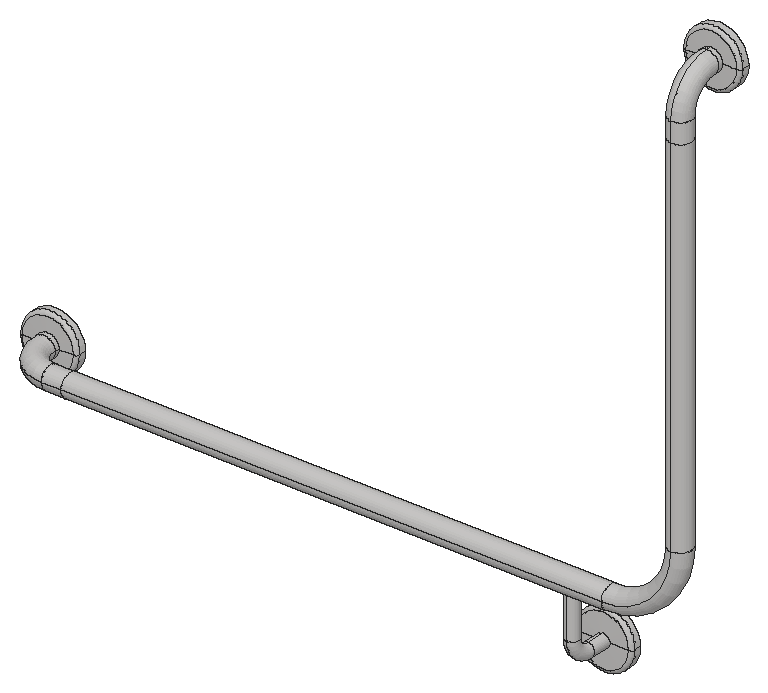
Revit family "RBA4098-901", category Plumbing Fixtures, Revit 2021
Family settings
  Round Connector Dimension = Use Diameter
  Part Type = Normal
  Work Plane-Based = No
  Always vertical = Yes
  Cut with Voids When Loaded = No
  Shared = No
  Room Calculation Point = No
Parameters (values of type "RBA4098-901")
  Watermarked By = "www.rba.com.au"
  URL = "http://www.rba.com.au/accessible-disabled/grab-rails"
  R_Void [instance] = 15.00 mm
  R [instance] = 0.00 mm
  Phone Number = "1300 788 778"
  Modified Issue = "20200316.01"
  Model = "RBA4098-901"
  Materials and Finishes = Stainless Steel, Bright Polished
  Manufacturer Model = "B819436"
  Manufacturer = "RBA Group"
  Description = "90° Angled Grab Rails, LH"
  Default Elevation = 0.00 mm
  Copyrighted by = "RBA Group"  # constant formula
  Assembly Code = ""
Reference planes
  plane 1 "Center (Front/Back)": y = 0
  plane 2: z = 0
  plane 3: x = 40.5
  plane 4: z = -30
  plane 5: z = 30
  plane 6: x = 70.5
  plane 7: x = 10.5
  plane 8: x = 990.5
  plane 9: x = 515.5
  plane 10: z = 670
  plane 11: z = 730
  plane 12: x = 960.5
  plane 13: x = 1020.5
  plane 14: z = 700
  plane 15: z = -130
  plane 16: z = -70
  plane 17: x = 865.5
  plane 18: x = 805.5
  plane 19: x = 835.5
  plane 20: z = -100
  plane 21: x = 974.5
  plane 22: z = 16
  plane 23: y = -70
  plane 24: y = -86
  plane 25: y = -54
  plane 26: y = -79.5
  plane 27: y = -60.5
Forms (mm)
  Extrusion 1, solid, material "Rail Steel"
    sketch origin (40.5, -2.628, 315.907) x (0, 0, -1) y (-1, 0, 0)
      loop
        circle (315.907, 0) r 40
    from -0.219 to 2.628
  Revolve 2, solid, material "Rail Steel"
    sketch origin (40.5, 18.663, 0) x (0, -1, 0) y (1, 0, 0)
      loop
        line (18.663, 0) -> (18.663, -41.5) -> (27.844, -41.5)
        arc (27.844, -41.5) -> (31.337, -40.077) -> (32.842, -36.617) r 5
        line (32.842, -36.617) -> (33.701, 0) -> (18.663, 0)
      axis (18.663, 0) -> (33.701, 0)
    angle from 0 to 360
  Extrusion 3, void
    sketch origin (40.5, 34.941, 315.907) x (0, 0, -1) y (-1, 0, 0)
      loop
        circle (315.907, -30) r 5
      loop
        circle (315.907, 30) r 5
    from -37.788 to -30
  Sweep 4, solid, material "Rail Steel"
    path origin (40.5, 12.454, 0) x (0, -1, 0) y (-1, 0, 0)
      loop
        line (12.454, 0) -> (34.454, 0)
        arc (34.454, 0) -> (68.395, -14.059) -> (82.454, -48) r 48
        line (82.454, -48) -> (82.454, -76)
    profile origin (40.5, -11, 0) x (1, 0, 0) y (0, 0, 1)
      loop
        circle (0, 0) r 16
  Extrusion 5, solid, material "Rail Steel"
    sketch origin (990.5, -2.628, 1015.907) x (0, 0, -1) y (-1, 0, 0)
      loop
        circle (315.907, 0) r 40
    from -0.219 to 2.628
  Extrusion 6, void
    sketch origin (990.5, 34.941, 1015.907) x (0, 0, -1) y (-1, 0, 0)
      loop
        circle (315.907, 30) r 5
      loop
        circle (315.907, -30) r 5
    from -37.788 to -30
  Sweep 7, solid, material "Rail Steel"
    path origin (1690.5, 12.454, 700) x (0, -1, 0) y (0, 0, 1)
      loop
        line (12.454, 0) -> (34.454, 0)
        arc (34.454, 0) -> (68.395, -14.059) -> (82.454, -48) r 48
        line (82.454, -48) -> (82.454, -76)
    profile origin (1690.5, -11, 700) x (0, 0, 1) y (-1, 0, 0)
      loop
        circle (0, 700) r 16
  Revolve 8, solid, material "Rail Steel"
    sketch origin (990.5, 18.663, 700) x (0, -1, 0) y (1, 0, 0)
      loop
        line (18.663, 0) -> (33.701, 0) -> (32.842, 36.617)
        arc (32.842, 36.617) -> (31.337, 40.077) -> (27.844, 41.5) r 5
        line (27.844, 41.5) -> (18.663, 41.5) -> (18.663, 0)
      axis (18.663, 0) -> (33.701, 0)
    angle from 0 to 360
  Sweep 9, solid, material "Rail Steel"
    path origin (0, 0, 0) x (1, 0, 0) y (0, 0, 1)
      loop
        line (116.5, 0) -> (890.5, 0)
        arc (890.5, 0) -> (961.211, 29.289) -> (990.5, 100) r 100
        line (990.5, 100) -> (990.5, 624)
    profile origin (503.5, 0, 0) x (0, 0, 1) y (0, -1, 0)
      loop
        circle (0, 70) r 16
  Extrusion 10, solid, material "Rail Steel"
    sketch origin (835.5, -2.628, 215.907) x (0, 0, -1) y (-1, 0, 0)
      loop
        circle (315.907, 0) r 40
    from -0.219 to 2.628
  Revolve 11, solid, material "Rail Steel"
    sketch origin (835.5, 18.663, -100) x (0, -1, 0) y (1, 0, 0)
      loop
        line (18.663, 0) -> (18.663, -41.5) -> (27.844, -41.5)
        arc (27.844, -41.5) -> (31.337, -40.077) -> (32.842, -36.617) r 5
        line (32.842, -36.617) -> (33.701, 0) -> (18.663, 0)
      axis (18.663, 0) -> (33.701, 0)
    angle from 0 to 360
  Sweep 12, solid, material "Rail Steel"
    path origin (835.5, 12.454, -100) x (0, -1, 0) y (0, 0, -1)
      loop
        line (12.454, 0) -> (54.454, 0)
        arc (54.454, 0) -> (74.253, -8.201) -> (82.454, -28) r 28
        line (82.454, -28) -> (82.454, -100)
    profile origin (835.5, -21, -100) x (0, 0, -1) y (1, 0, 0)
      loop
        circle (0, 0) r 9.5
  Extrusion 13, void
    sketch origin (835.5, 34.941, 215.907) x (0, 0, -1) y (-1, 0, 0)
      loop
        circle (315.907, -30) r 5
      loop
        circle (315.907, 30) r 5
    from -37.788 to -30
Cuts and joins
  Extrusion 3, Extrusion 6, Extrusion 13 cuts Extrusion 1
  Extrusion 3, Extrusion 6, Extrusion 13 cuts Revolve 2
  Extrusion 13 cuts Sweep 4
  Extrusion 6 cuts Revolve 8
  Extrusion 13 cuts Revolve 11
  joined: Revolve 2, Sweep 4, Sweep 7, Revolve 8, Sweep 9, Revolve 11, Sweep 12
  Extrusion 6 cuts Extrusion 5
  Extrusion 13 cuts Extrusion 10
Dimensions and locks
  Revolve 2 sketch curve to Revolve 2 sketch curve = 41.50 mm
  plane 5 to level to plane 4 = 30.00 mm, 30.00 mm
  plane 7 to plane 6 = 60.00 mm
  plane 11 to plane 10 = 60.00 mm
  plane 12 to plane 13 = 60.00 mm
  Revolve 8 sketch curve to Revolve 8 sketch curve = 41.50 mm
  Revolve 11 sketch curve to Revolve 11 sketch curve = 41.50 mm
  plane 16 to plane 15 = 60.00 mm
  plane 18 to plane 17 = 60.00 mm
  level to plane 20 = 100.00 mm
  plane 14 to level = 700.00 mm
  plane 8 to plane 19 = 155.00 mm
  plane 8 to plane 3 = 950.00 mm
  radius of Extrusion 1 sketch curve = 40.00 mm
  radius of Sweep 4 sketch curve = 16.00 mm
  radius of Extrusion 5 sketch curve = 40.00 mm
  radius of Sweep 7 sketch curve = 16.00 mm
  radius of Extrusion 10 sketch curve = 40.00 mm
  radius of Sweep 12 sketch curve = 9.50 mm
  aligned and locked: Revolve 2 to Extrusion 1
  aligned and locked: Revolve 11 to Extrusion 10
